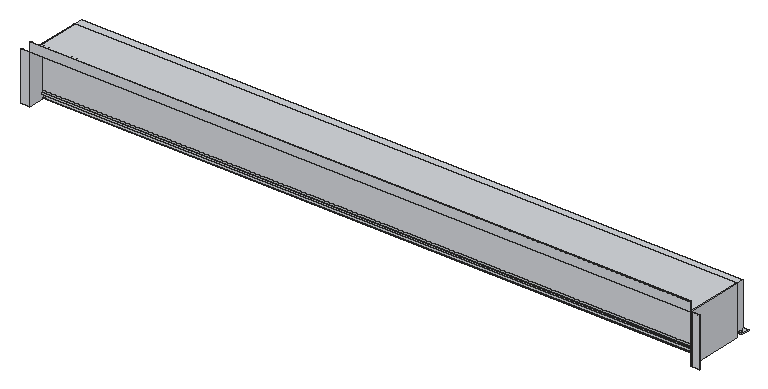
Revit family "EOS3.0-R-GRZ", category Lighting Fixtures, host Face, Revit 2018
Family settings
  Host = Face
  Round Connector Dimension = Use Diameter
  Part Type = Normal
  Cut with Voids When Loaded = No
  Light Source = Yes
  Shared = Yes
  Room Calculation Point = Yes
Parameters (values of type "4' Direct")
  Wattage = 17.6471 W
  built-in parameter 1150110 = 1 (stored number, unit not read)
  Voltage = 0 V
  built-in parameter 1114217 = 1 (stored number, unit not read)
  built-in parameter 1150109 = 1 (stored number, unit not read)
  built-in parameter 1150134 = 12
  Switch Leg Visibility = yes
  Switch Leg [instance] = ""
  built-in parameter 1150113 = 1 (stored number, unit not read)
  Regress = 0' - 1"
  Material [instance] = LUX ILLUMINAIRE White
  built-in parameter 1150105 = 477.46 (stored number, unit not read)
  Lumens = 1500 lm
  built-in parameter 1150115 = 1 (stored number, unit not read)
  Light Source Symbol Size = 2' - 0"
  built-in parameter 1150137 = (empty or 0)
  built-in parameter 1150139 = (empty or 0)
  built-in parameter 1150112 = 1 (stored number, unit not read)
  built-in parameter 1150114 = 1 (stored number, unit not read)
  Lamp = "LED"
  built-in parameter 1150132 = 2
  built-in parameter 1150102 = (empty or 0)
  built-in parameter 1150107 = 4000 (stored number, unit not read)
  built-in parameter 1150138 = (empty or 0)
  built-in parameter 1150106 = 4.7746 (stored number, unit not read)
  Fixture Width = 0' - 3 19/128"  # constant formula
  Fixture Symbol Visiblity = yes
  Fixture Length = 3' - 11.99869"
  Fixture Height = 0' 3 11/16" + Regress  # 0' - 4 11/16"
  End Cap Right [instance] = yes
  End Cap Left [instance] = yes
  Emit from Rectangle Width = 0' - 0 3/4"
  Emit from Rectangle Length = Fixture Length  # 3' - 11.99869"
  Emit Shape Visible in Rendering = yes
  Emergency Lighting [instance] = no
  built-in parameter 1150104 = 7.8968 (stored number, unit not read)
  Dimming Lamp Color Temperature Shift = <None>
  Default Elevation = 7' - 0"
  Color Filter = 16777215
  built-in parameter 1140040 [instance] = 1
  built-in parameter 1114218 = 1 (stored number, unit not read)
  built-in parameter 1150133 = 10 (stored number, unit not read)
  Apparent Load = 14.6 VA
Types (6): name | Wattage | built-in parameter 1150105 | Lumens | built-in parameter 1150106 | Fixture Length | Emit from Rectangle Width | Emit from Rectangle Length | Apparent Load
  3' Direct | 13.2353 W | 358.1 (stored number, unit not read) | 1125 lm | 3.581 (stored number, unit not read) | 3' - 0" | 0' - 2 115/128" | 3' - 0" | 11 VA
  4' Direct | 17.6471 W | 477.46 (stored number, unit not read) | 1500 lm | 4.7746 (stored number, unit not read) | 3' - 11.99869" | 0' - 0 3/4" | 3' - 11.99869" | 14.6 VA
  5' Direct | 22.0588 W | 596.83 (stored number, unit not read) | 1875 lm | 5.9683 (stored number, unit not read) | 5' - 0" | 0' - 2 115/128" | 5' - 0" | 18.2 VA
  6' Direct | 26.4706 W | 716.2 (stored number, unit not read) | 2250 lm | 7.162 (stored number, unit not read) | 6' - 0" | 0' - 2 115/128" | 6' - 0" | 21.9 VA
  7' Direct | 30.8824 W | 835.56 (stored number, unit not read) | 2625 lm | 8.3556 (stored number, unit not read) | 7' - 0" | 0' - 2 115/128" | 7' - 0" | 25.5 VA
  8' Direct | 35.2941 W | 954.93 (stored number, unit not read) | 3000 lm | 9.5493 (stored number, unit not read) | 8' - 0" | 0' - 2 115/128" | 8' - 0" | 29.2 VA
Reference planes (in)
  plane 1 "Center (Front/Back)": y = 0
  plane 2: z = 0
  plane 3 "Center (Left/Right)": x = 0
  plane 4: x = 23.99935
  plane 5: x = -23.99935
  plane 6: z = 1
  plane 7: x = 24.25261
  plane 8: x = -24.25065
  plane 9: z = 3.14844
  plane 10 "Fixture Height": y = 4.6875
  plane 11 "Center L/S": y = 1
Forms (in)
  Extrusion 1, solid, not visible
    sketch origin (0, 0, 0) x (1, 0, 0) y (0, 1, 0)
      loop
        circle (0.00029, -24) r 0.1875
    from 0 to 1
  Extrusion 2, solid, not visible
    sketch origin (0, 0, 0) x (1, 0, 0) y (0, 1, 0)
      loop
        circle (0.0005, -24) r 0.03125
    from 1 to 13.33203
  Extrusion 3, solid, not visible
    sketch origin (0, 0, 0) x (1, 0, 0) y (0, 1, 0)
      loop
        circle (0.0005, -24) r 0.18729
    from 13.33203 to 14.08203
  Extrusion 4, solid
    sketch origin (0, 0.04726, -0.00154) x (0, 1, 0) y (0, 0, 1)
      loop
        line (0.95274, 3.52498) -> (0.95274, 3.44501) -> (1.0386, 3.44499) -> (1.02063, 3.29342) -> (1.02063, 0.61759) -> (1.03865, 0.46499) -> (0.95274, 0.46499) -> (0.95274, 0.38499) -> (1.10973, 0.38499) -> (1.10973, 0.03)
        arc (1.10973, 0.03) -> (1.11851, 0.00879) -> (1.13973, 0) r 0.03
        line (1.13973, 0) -> (2.97267, 0)
        arc (2.97267, 0) -> (3.04053, 0.0281) -> (3.06867, 0.09594) r 0.096
        line (3.06867, 0.09594) -> (3.06867, 0.289)
        arc (3.06867, 0.289) -> (3.08273, 0.32294) -> (3.11667, 0.337) r 0.048
        line (3.11667, 0.337) -> (4.48733, 0.337)
        arc (4.48733, 0.337) -> (4.52127, 0.32294) -> (4.53533, 0.289) r 0.048
        line (4.53533, 0.289) -> (4.53533, 0.09609)
        arc (4.53533, 0.09609) -> (4.56341, 0.02815) -> (4.63133, 0) r 0.096
        line (4.63133, 0) -> (5.13133, 0) -> (5.13133, 0.048) -> (4.63133, 0.048)
        arc (4.63133, 0.048) -> (4.59739, 0.06206) -> (4.58333, 0.096) r 0.048
        line (4.58333, 0.096) -> (4.58333, 0.385) -> (4.64024, 0.385) -> (4.64024, 3.52498) -> (0.95274, 3.52498)
    from -23.99935 to 23.99935
  Extrusion 5, solid
    sketch origin (0, 0, 0) x (0, 1, 0) y (0, 0, 1)
      loop
        line (4.1, 3.57298) -> (0, 3.57298) -> (0, 4.18798) -> (-0.048, 4.18798) -> (-0.048, 3.52498) -> (4.1, 3.52498) -> (4.1, 3.57298)
    from -23.99935 to 23.99935
  Extrusion 6, solid, visible <- "End Cap Left"
    sketch origin (0, 0, 0) x (1, 0, 0) y (0, 1, 0)
      loop
        line (-23.99935, -0.048) -> (-23.99935, 4.10044) -> (-24.04622, 4.10044) -> (-24.04622, 0) -> (-24.6556, 0) -> (-24.6556, -0.048) -> (-23.99935, -0.048)
    from 0 to 3.52344
  Extrusion 7, solid, visible <- "End Cap Right"
    sketch origin (0, 0, 0) x (-1, 0, 0) y (0, -1, 0)
      loop
        line (-23.99935, 0.048) -> (-24.6556, 0.048) -> (-24.6556, 0) -> (-24.04622, 0) -> (-24.04622, -4.10044) -> (-23.99935, -4.10044) -> (-23.99935, 0.048)
    from 0 to 3.52344
Lines and regions (in)
  symbolic lines, visible <- "Fixture Symbol Visiblity"
    curve 1: line (23.99935, 0, 3.14844) -> (-23.99935, 0, 3.14844)
    curve 2: line (23.99935, 0, 0.09334) -> (23.99935, 0, 3.14844)
    curve 3: line (-23.99935, 0, 0.09334) -> (23.99935, 0, 0.09334)
    curve 4: line (-23.99935, 0, 3.14844) -> (-23.99935, 0, 0.09334)
Dimensions and locks (in)
  plane 5 to plane 4 = 3' - 11.99869"
  plane 4 to plane 5 = 3' - 11.99869"
  equal spacing: plane 4, plane 3 "Center (Left/Right)", plane 5
  "Fixture Length": plane 4 to plane 5
  plane 7 to plane 4 = 0' - 0.25327"
  plane 5 to plane 8 = 0' - 0.25131"
  plane 9 to level = 0' - 3 19/128"
  "Fixture Width": level to plane 9
  "Fixture Height": plane 10 "Fixture Height" to plane 1 "Center (Front/Back)"
  locked: plane 10 "Fixture Height" to plane 11 "Center L/S" at 3.6875
  locked: Extrusion 4 to imposter light at 0.04026
  aligned and locked: plane 2 to host face
  aligned and locked: level to host face
  aligned and locked: plane 5 to curve 4
  aligned and locked: curve 2 to plane 4
  aligned and locked: plane 4 to nested 1
  aligned and locked: nested 1 to plane 5
  aligned and locked: nested 1 to plane 9
  aligned and locked: curve 1 to plane 9
  aligned and locked: Extrusion 4 to plane 5
  aligned and locked: plane 4 to Extrusion 4
  aligned and locked: Extrusion 4 sketch curve to plane 10 "Fixture Height"
  aligned and locked: plane 11 "Center L/S" to Extrusion 4
  aligned and locked: plane 11 "Center L/S" to Extrusion 4 sketch curve
  aligned and locked: Extrusion 4 sketch curve to plane 11 "Center L/S"
  aligned and locked: plane 4 to Extrusion 5
  aligned and locked: Extrusion 5 to plane 5
Automatic sketch dimensions
  level to curve 4 = 0' - 0.09334"
  host sketch curve to host sketch curve = 8' - 0"  (x2)
  Extrusion 4 sketch curve to Extrusion 4 sketch curve = 0' - 0"  (x18)
  Extrusion 4 sketch curve to plane 11 "Center L/S" = 0' - 0.06789"
  Extrusion 4 sketch curve to plane 11 "Center L/S" = 0' - 0.08586"
  Extrusion 4 sketch curve to plane 11 "Center L/S" = 0' - 0.08592"
  Extrusion 4 sketch curve to Extrusion 4 sketch curve = 0' - 0.07107"
  Extrusion 4 sketch curve to Extrusion 4 sketch curve = 0' - 0.03"
  level to Extrusion 4 sketch curve = 0' - 0.09446"
  plane 10 "Fixture Height" to Extrusion 4 sketch curve = 0' - 1.66757"
  Extrusion 4 sketch curve to Extrusion 4 sketch curve = 0' - 0.096"  (x2)
  Extrusion 4 sketch curve to Extrusion 4 sketch curve = 0' - 0.048"  (x2)
  plane 10 "Fixture Height" to Extrusion 4 sketch curve = 0' - 0.15291"
  plane 10 "Fixture Height" to Extrusion 4 sketch curve = 0' - 0.10491"
  Extrusion 4 sketch curve to Extrusion 4 sketch curve = 0' - 0.05691"
  plane 10 "Fixture Height" to Extrusion 4 sketch curve = 0' - 0.00891"
  Extrusion 4 sketch curve to level = 0' - 0.00154"
  Extrusion 4 sketch curve to plane 10 "Fixture Height" = 0' - 0.49109"
  level to Extrusion 4 sketch curve = 0' - 0.02846"
  level to Extrusion 4 sketch curve = 0' - 0.04646"
  level to Extrusion 4 sketch curve = 0' - 0.0944"
  Extrusion 4 sketch curve to Extrusion 4 sketch curve = 0' - 0.00009"
  Extrusion 4 sketch curve to Extrusion 4 sketch curve = 0' - 0.19291"
  Extrusion 4 sketch curve to Extrusion 4 sketch curve = 0' - 0.19306"
  Extrusion 4 sketch curve to Extrusion 4 sketch curve = 0' - 0.35499"
  Extrusion 4 sketch curve to Extrusion 4 sketch curve = 0' - 0.08"
  Extrusion 4 sketch curve to Extrusion 4 sketch curve = 0' - 0.1526"
  plane 9 to Extrusion 4 sketch curve = 0' - 0.14344"
  Extrusion 4 sketch curve to Extrusion 4 sketch curve = 0' - 0.15157"
  plane 9 to Extrusion 4 sketch curve = 0' - 0 3/8"
  Extrusion 5 sketch curve to plane 1 "Center (Front/Back)" = 0' - 0"
  Extrusion 5 sketch curve to Extrusion 5 sketch curve = 0' - 0.048"  (x2)
  plane 10 "Fixture Height" to Extrusion 5 sketch curve = 0' - 0.5875"
  plane 9 to Extrusion 5 sketch curve = 0' - 0.37654"
  Extrusion 5 sketch curve to Extrusion 5 sketch curve = 0' - 0.615"
  plane 1 "Center (Front/Back)" to Extrusion 6 sketch curve = 0' - 0"
  Extrusion 6 sketch curve to plane 5 = 0' - 0"
  Extrusion 6 sketch curve to plane 5 = 0' - 0 3/64"
  Extrusion 6 sketch curve to plane 8 = 0' - 0.40494"
  plane 1 "Center (Front/Back)" to Extrusion 6 sketch curve = 0' - 0.048"
  plane 10 "Fixture Height" to Extrusion 6 sketch curve = 0' - 0.58706"
  Extrusion 7 sketch curve to plane 1 "Center (Front/Back)" = 0' - 0"
  Extrusion 7 sketch curve to plane 1 "Center (Front/Back)" = 0' - 0.048"
  Extrusion 7 sketch curve to plane 7 = 0' - 0.40298"
  Extrusion 7 sketch curve to plane 4 = 0' - 0 3/64"
  plane 4 to Extrusion 7 sketch curve = 0' - 0"
  Extrusion 7 sketch curve to plane 10 "Fixture Height" = 0' - 0.58707"
  radius of Extrusion 1 sketch curve = 0' - 0 3/16"
  radius of Extrusion 2 sketch curve = 0' - 0 1/32"
  radius of Extrusion 3 sketch curve = 0' - 0.18729"
Nested families (in)
  nested 1: "Emergency Symbol Rectangle" at (0.00065, 0, -9.29849) x (-1, 0, 0) z (0, -1, 0), visible <- "Emergency Lighting", type "Emergency Symbol Rectangle"
    with Width 0' - 9.39386", Length 3' - 11.99869"
Definition of nested family "Emergency Symbol Rectangle"
  Parameters (values of type "Emergency Symbol Rectangle")
    Width [instance] = 0' - 8 1/2"
    Length [instance] = 5' - 0"
    Emergency Visibility = no
  Reference planes (in)
    plane 1 "Center (Front/Back)": y = -7.75
    plane 2: z = 0
    plane 3 "Center (Left/Right)": x = -24
    plane 4: x = 24
    plane 5: x = -36
    plane 6: y = -3.5
    plane 7: y = -12
  Lines and regions (in)
    Filled region 1, type "Solid Fill - Black", in view "Ref. Level", detail levels coarse+medium
      outline origin (0, 0.25, 0) x (1, 0, 0) y (0, 1, 0)
        loop
          line (-36, -12.25) -> (24, -12.25) -> (-36, -10.125) -> (-36, -12.25)
  Dimensions and locks (in)
    equal spacing: plane 7, plane 1 "Center (Front/Back)", plane 6
    "Width": plane 7 to plane 6
    "Length": plane 5 to plane 4
    aligned and locked: plane 5 to Filled region 1
  Automatic sketch dimensions
    plane 1 "Center (Front/Back)" to Filled region 1 sketch curve = 0' - 2 1/8"
    Filled region 1 sketch curve to plane 3 "Center (Left/Right)" = 1' - 0"
    Filled region 1 sketch curve to plane 4 = 0' - 0"
    Filled region 1 sketch curve to plane 7 = 0' - 0"
